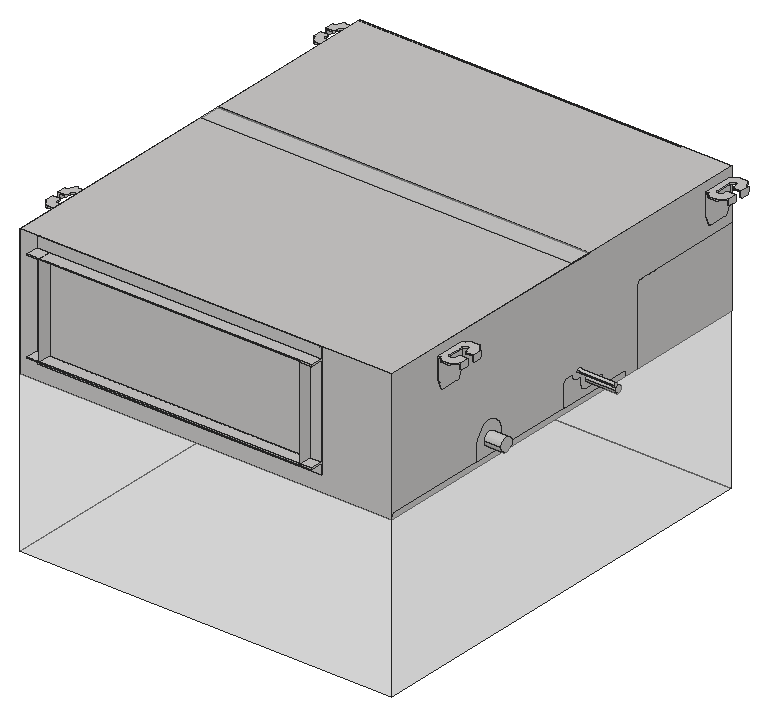
Revit family "outputfile", category 機械設備, Revit 2024
Family settings
  丸型コネクタ寸法 = 半径を使用
  パーツ タイプ = 標準
  OmniClass 番号 = 23.75.10.24.21.27.27
  OmniClass タイトル = Split System Air Conditioning Units
  作業面ベース = いいえ
  常に垂直 = はい
  ロード時にボイドで切り取り = いいえ
  注釈の向きを維持 = いいえ
  共有 = いいえ
  部屋計算ポイント = はい
Parameters (values of type "FDBF50DV14")
  Description = ""
  書き出し IFC クラス(タイプ) = "IfcUnitaryEquipmentType"
  定義済み IFC タイプ(タイプ) = "AIRCONDITIONINGUNIT"
  Cost = 0
  Type Comments = ""
  Keynote = ""
  Type Image = (empty or 0)
  Assembly Code = ""
  switch_frequency = yes
  ra duct size width = 0 mm
  ra duct size height [instance] = if(Rear Connection_Return Air, 203 mm, 204 mm)  # 203 mm
  lw_duct size width = 604 mm
  connector_voltage = Voltage_50Hz  # 230 V
  connector_powerinput = [Power Input (Cooling)]  # 0.000 kW
  connector_phase = Phase_50Hz  # 1
  URL = ""
  RA_length [instance] = if(Rear Connection_Return Air, 126 mm, 125.5 mm)  # 126 mm
  angle_drainpipe [instance] = if(Right Connection_refrigerant, 90.00°, 270.00°)  # 90.00°
  angle_gaspipe [instance] = if(Right Connection_refrigerant, 90.00°, 270.00°)  # 90.00°
  angle_liquidpipe [instance] = if(Right Connection_refrigerant, 90.00°, 270.00°)  # 90.00°
  angle_Return Air [instance] = if(Rear Connection_Return Air, 90.00°, 0.00°)  # 90.00°
  Right Connection_refrigerant [instance] = yes
  Rear Connection_Return Air [instance] = not(Bottom Connection_Return Air)  # yes
  製造元 = "Daikin"
  モデル = "FDBF50DV14"
  r_Liquid Pipe Size = Liquid Pipe Size / 2  # 3.2 mm
  r_Gas Pipe Size = Gas Pipe Size / 2  # 6.35 mm
  r_Drain Pipe Size = Drain Pipe Size / 2  # 12.5 mm
  lw_power = 60 mm  # constant formula
  lh_power = 30 mm  # constant formula
  ld_power = Depth / 2  # 400 mm
  Voltage_comment_50Hz = "220 - 240"
  Voltage_50Hz = 230 V
  Supply Air Direction [instance] = yes
  Sound Power Level_H speed (dB) = 0
  Phase_50Hz = 1
  Minimum External Static Pressure = 15.00 Pa
  Minimum Circuit Amps_50Hz = 0.0 A
  Maximum Fuse Amps_50Hz = 0.0 A
  Maximum External Static Pressure = 38.00 Pa
  Material_Casing = DAIKIN_GalvanizedSteel_Casing_indoorunit
  lw_mountinghole = 738 mm
  lh_gaspipe = 22 mm  # constant formula
  lh_mountinghole = 230 mm  # constant formula
  lh_liquidpipe = 185 mm  # constant formula
  lh_drainpipe = 207 mm  # constant formula
  lh_antena = (Height - lh_mountinghole) + 1 mm  # 16 mm
  ld_drainpipe = 228 mm  # constant formula
  ld_liquidpipe = 438 mm  # constant formula
  ld_gaspipe = 22 mm  # constant formula
  ld_mountinghole = 0 mm
  h*** = 0 mm
  lw_liquidpipe = 421 mm
  lw_gaspipe = 408 mm
  lw_drainpipe = 383 mm
  Width = 700 mm
  Version = "ver.1.0"
  Unit Type = "L.S.P. Duct for Bed room"
  Unit Mass Weight = 26.00 kg
  Unit Designation [instance] = ""
  Uniclass2015Version = "Products v1.30"
  Uniclass2015Title = "Split coil room air conditioning units"
  Uniclass2015Code = "Pr_70_65_03_86"
  Total Cooling Capacity [instance] = 0.000 kW
  Sound Pressure Level_M speed (dBA) = 33
  Sound Pressure Level_L speed (dBA) = 25
  Sound Pressure Level_H speed (dBA) = 37
  Series = "SkyAir_Fan Coil Unit"
  Sensible Cooling Capacity [instance] = 0.000 kW
  SA Duct Size Width = 490 mm
  SA Duct Size Height = 174 mm
  Refrigerant Type = "R32"
  RA Duct Size Width = 563 mm
  RA Duct Size Height = 203 mm
  Power Input (Cooling) = 0.000 kW
  Option Accessory 3 [instance] = ""
  Option Accessory 2 [instance] = ""
  Option Accessory 1 [instance] = ""
  Nominal Cooling Capacity = 5.000 kW
  Minimum Airflow = 570.00 m³/h
  Median Airflow = 720.00 m³/h
  Maximum Airflow = 900.00 m³/h
  Load Classification = HVAC
  Liquid Pipe Size = 6.4 mm
  Link_Nested Family [instance] = ""
  Left Connection_refrigerant [instance] = not(Right Connection_refrigerant)  # no
  IfcVersion = ""
  IfcExportType = "AIRCONDITIONINGUNIT"
  IfcExportAs = "IfcUnitaryEquipmentType"
  Height = 245 mm
  Heat Exchanger Type = "Cross Fin Coil"
  Gas Pipe Size = 12.7 mm
  Frequency_50Hz = 50 Hz
  Fan Type = "Sirocco Fan"
  Fan Drive = "Direct Drive"
  FCU Tag No. [instance] = ""
  Drain Pipe Size = 25.0 mm
  Design Supply Airflow [instance] = 0.00 m³/h
  Design Return Airflow [instance] = 0.00 m³/h
  Design External Static Pressure [instance] = 0.00 Pa
  Depth = 800 mm
  既定の高さ = 0 mm
  Cooling Entering Wet Bulb Temperature [instance] = 0.00 °C
  Cooling Entering Dry Bulb Temperature [instance] = 0.00 °C
  Cooling Ambient Wet Bulb Temperature [instance] = 0.00 °C
  Cooling Ambient Dry Bulb Temperature [instance] = 0.00 °C
  Clearance visibility [instance] = yes
  Clearance Top = 0 mm
  Clearance Right = 0 mm
  Clearance Rear = 0 mm
  Clearance Left = 0 mm
  Clearance Front = 0 mm
  Clearance Bottom = 300 mm
  Bottom Connection_Return Air [instance] = no
Reference planes
  plane 1 "Center (Front/Back)": y = 0
  plane 2 "h": z = 0
  plane 3 "Center (Left/Right)": x = 0
  plane 4 "Back": y = 400
  plane 5 "Front": y = -400
  plane 6 "Left": x = -350
  plane 7 "Right": x = 350
  plane 8 "Top": z = 0
  plane 9 "Bottom": z = -245
  plane 10: y = 400
  plane 11: y = -400
  plane 12: x = -350
  plane 13: x = 350
  plane 14: z = 0
  plane 15: z = -545
  plane 16: y = 364
  plane 17: y = -266
  plane 18: z = -15
  plane 19: x = -317
  plane 20: x = -408
  plane 21: x = 408
  plane 22: x = -421
  plane 23: x = 421
  plane 24: y = 38
  plane 25: y = 60
  plane 26: y = -172
  plane 27: z = -207
  plane 28: z = -207
  plane 29: z = -185
  plane 30: x = -383
  plane 31: x = 383
  plane 32: x = 254.5
  plane 33: x = -349.5
  plane 34: y = 151.5
  plane 35: z = -215
  plane 36: x = 290
  plane 37: x = -47.5
  plane 38: y = 274
  plane 39: z = -119.5
  plane 40: x = -369
  plane 41: x = 369
Forms (mm)
  Extrusion 1, solid, material "DAIKIN_GalvanizedSteel_Casing_indoorunit" <- "Material_Casing"
    sketch origin (0, 0, 0) x (1, 0, 0) y (0, 1, 0)
      loop
        line (-350, 400) -> (-350, -400) -> (350, -400) -> (350, 400) -> (-350, 400)
    from -245 to 0
  Extrusion 2, solid, material "DAIKIN_GalvanizedSteel_Casing_indoorunit" <- "Material_Casing", visible <- "Right Connection_refrigerant"
    sketch origin (350, 0, 0) x (0, 1, 0) y (0, 0, 1)
      loop
        circle (-172, -207) r 12.5
    from 0 to 33
  Extrusion 3, solid, material "DAIKIN_GalvanizedSteel_Casing_indoorunit" <- "Material_Casing", visible <- "Left Connection_refrigerant"
    sketch origin (-350, 0, 0) x (0, 1, 0) y (0, 0, 1)
      loop
        circle (-172, -207) r 12.5
    from 0 to -33
  Extrusion 4, solid, material "DAIKIN_GalvanizedSteel_Casing_indoorunit" <- "Material_Casing", visible <- "Right Connection_refrigerant"
    sketch origin (350, 0, 0) x (0, 1, 0) y (0, 0, 1)
      loop
        circle (38, -185) r 3.2
    from 0 to 71
  Extrusion 5, solid, material "DAIKIN_GalvanizedSteel_Casing_indoorunit" <- "Material_Casing", visible <- "Right Connection_refrigerant"
    sketch origin (350, 0, 0) x (0, 1, 0) y (0, 0, 1)
      loop
        circle (60, -207) r 6.35
    from 0 to 58
  Extrusion 6, solid, material "DAIKIN_GalvanizedSteel_Casing_indoorunit" <- "Material_Casing", visible <- "Left Connection_refrigerant"
    sketch origin (-350, 0, 0) x (0, 1, 0) y (0, 0, 1)
      loop
        circle (60, -207) r 6.35
    from 0 to -58
  Extrusion 7, solid, material "DAIKIN_GalvanizedSteel_Casing_indoorunit" <- "Material_Casing", visible <- "Left Connection_refrigerant"
    sketch origin (-350, 0, 0) x (0, 1, 0) y (0, 0, 1)
      loop
        circle (38, -185) r 3.2
    from 0 to -71
  Extrusion 8, solid, material "DAIKIN_GalvanizedSteel_Casing_indoorunit" <- "Material_Casing", visible <- "Right Connection_refrigerant"
    sketch origin (350, 0, 0) x (0, 1, 0) y (0, 0, 1)
      loop
        line (22.284, -188) -> (7.5, -188)
        arc (7.5, -188) -> (5.379, -188.879) -> (4.5, -191) r 3
        line (4.5, -191) -> (4.5, -232)
        arc (4.5, -232) -> (5.379, -234.121) -> (7.5, -235) r 3
        line (7.5, -235) -> (91, -235)
        arc (91, -235) -> (93.121, -234.121) -> (94, -232) r 3
        line (94, -232) -> (94, -220)
        arc (94, -220) -> (93.121, -217.879) -> (91, -217) r 3
        line (91, -217) -> (75.564, -217)
        arc (75.564, -217) -> (51.595, -223.481) -> (42.766, -200.274) r 18.5
        arc (42.766, -200.274) -> (29.776, -198.725) -> (22.284, -188) r 16
    from 0 to -1
  Extrusion 9, solid, material "DAIKIN_GalvanizedSteel_Casing_indoorunit" <- "Material_Casing", visible <- "Left Connection_refrigerant"
    sketch origin (-350, 0, 0) x (0, 1, 0) y (0, 0, 1)
      loop
        line (22.284, -188) -> (7.5, -188)
        arc (7.5, -188) -> (5.379, -188.879) -> (4.5, -191) r 3
        line (4.5, -191) -> (4.5, -232)
        arc (4.5, -232) -> (5.379, -234.121) -> (7.5, -235) r 3
        line (7.5, -235) -> (91, -235)
        arc (91, -235) -> (93.121, -234.121) -> (94, -232) r 3
        line (94, -232) -> (94, -220)
        arc (94, -220) -> (93.121, -217.879) -> (91, -217) r 3
        line (91, -217) -> (75.564, -217)
        arc (75.564, -217) -> (51.595, -223.481) -> (42.766, -200.274) r 18.5
        arc (42.766, -200.274) -> (29.776, -198.725) -> (22.284, -188) r 16
    from 0 to 1
  Extrusion 10, solid, material "DAIKIN_GalvanizedSteel_Casing_indoorunit" <- "Material_Casing", visible <- "Right Connection_refrigerant"
    sketch origin (350, 0, 0) x (0, 1, 0) y (0, 0, 1)
      loop
        line (-199.5, -235) -> (-144.5, -235) -> (-144.5, -204.7)
        arc (-144.5, -204.7) -> (-152.555, -185.255) -> (-172, -177.2) r 27.5
        arc (-172, -177.2) -> (-191.445, -185.255) -> (-199.5, -204.7) r 27.5
        line (-199.5, -204.7) -> (-199.5, -235)
    from 0 to -1
  Extrusion 11, solid, material "DAIKIN_GalvanizedSteel_Casing_indoorunit" <- "Material_Casing", visible <- "Left Connection_refrigerant"
    sketch origin (-350, 0, 0) x (0, 1, 0) y (0, 0, 1)
      loop
        line (-199.5, -235) -> (-144.5, -235) -> (-144.5, -204.7)
        arc (-144.5, -204.7) -> (-152.555, -185.255) -> (-172, -177.2) r 27.5
        arc (-172, -177.2) -> (-191.445, -185.255) -> (-199.5, -204.7) r 27.5
        line (-199.5, -204.7) -> (-199.5, -235)
    from 0 to 1
  Extrusion 12, solid, material "DAIKIN_GalvanizedSteel_Casing_indoorunit" <- "Material_Casing", visible <- "Right Connection_refrigerant"
    sketch origin (350, 0, 0) x (0, 1, 0) y (0, 0, 1)
      loop
        line (400, -245) -> (400, -95.5) -> (182, -95.5)
        arc (182, -95.5) -> (179.879, -96.379) -> (179, -98.5) r 3
        line (179, -98.5) -> (179, -245) -> (400, -245)
    from 0 to -1
  Extrusion 13, solid, material "DAIKIN_GalvanizedSteel_Casing_indoorunit" <- "Material_Casing", visible <- "Bottom Connection_Return Air"
    sketch origin (0, 400, 0) x (-1, 0, 0) y (0, 0, 1)
      loop
        line (-254.5, 0) -> (-254.5, -245) -> (349.5, -245) -> (349.5, 0) -> (-254.5, 0)
    from 0 to -1
  Extrusion 14, solid, material "DAIKIN_GalvanizedSteel_Casing_indoorunit" <- "Material_Casing", visible <- "Rear Connection_Return Air"
    sketch origin (0, 0, -245) x (-1, 0, 0) y (0, -1, 0)
      loop
        line (349.5, -400) -> (349.5, -151.5) -> (-254.5, -151.5) -> (-254.5, -400) -> (349.5, -400)
    from 0 to 1
  Extrusion 15, solid, material "DAIKIN_GalvanizedSteel_Casing_indoorunit" <- "Material_Casing", visible <- "Right Connection_refrigerant"
    sketch origin (350, 0, 0) x (0, 1, 0) y (0, 0, 1)
      loop
        arc (-397, -235) -> (-399.121, -235.879) -> (-400, -238) r 3
        line (-400, -238) -> (-400, -245) -> (147.5, -245) -> (147.5, -238)
        arc (147.5, -238) -> (146.621, -235.879) -> (144.5, -235) r 3
        line (144.5, -235) -> (-397, -235)
    from 0 to -1
  Extrusion 16, solid, material "DAIKIN_GalvanizedSteel_Casing_indoorunit" <- "Material_Casing", visible <- "Left Connection_refrigerant"
    sketch origin (-350, 0, 0) x (0, 1, 0) y (0, 0, 1)
      loop
        arc (-397, -235) -> (-399.121, -235.879) -> (-400, -238) r 3
        line (-400, -238) -> (-400, -245) -> (147.5, -245) -> (147.5, -238)
        arc (147.5, -238) -> (146.621, -235.879) -> (144.5, -235) r 3
        line (144.5, -235) -> (-397, -235)
    from 0 to 1
  Extrusion 17, solid, material "DAIKIN_GalvanizedSteel_Casing_indoorunit" <- "Material_Casing", visible <- "Left Connection_refrigerant"
    sketch origin (-350, 0, 0) x (0, 1, 0) y (0, 0, 1)
      loop
        line (400, -245) -> (400, -95.5) -> (182, -95.5)
        arc (182, -95.5) -> (179.879, -96.379) -> (179, -98.5) r 3
        line (179, -98.5) -> (179, -245) -> (400, -245)
    from 0 to 1
  Extrusion 18, void
    sketch origin (0, 0, 0) x (-1, 0, 0) y (0, -1, 0)
      loop
        line (350, -66.5) -> (350, -25) -> (-350, -25) -> (-350, -66.5) -> (350, -66.5)
    from 0 to -1
Cuts and joins
  Extrusion 18 cuts Extrusion 1
Dimensions and locks
  "Height": plane 8 "Top" to plane 9 "Bottom"
  equal spacing: plane 4 "Back", plane 1 "Center (Front/Back)", plane 5 "Front"
  "Depth": plane 4 "Back" to plane 5 "Front"
  equal spacing: plane 6 "Left", plane 3 "Center (Left/Right)", plane 7 "Right"
  "Width": plane 6 "Left" to plane 7 "Right"
  "Clearance Left": plane 12 to plane 6 "Left"
  "Clearance Right": plane 7 "Right" to plane 13
  "Clearance Rear": plane 10 to plane 4 "Back"
  "Clearance Front": plane 5 "Front" to plane 11
  "Clearance Top": plane 14 to plane 8 "Top"
  "Clearance Bottom": plane 9 "Bottom" to plane 15
  locked: plane 4 "Back" to plane 16 at 36
  locked: plane 17 to plane 5 "Front" at 134
  locked: plane 6 "Left" to plane 19 at 33
  "ld_liquidpipe": plane 24 to plane 5 "Front"
  "ld_drainpipe": plane 26 to plane 5 "Front"
  "ld_gaspipe": plane 25 to plane 24
  "lh_drainpipe": plane 8 "Top" to plane 28
  "lh_liquidpipe": plane 8 "Top" to plane 29
  "lh_gaspipe": plane 29 to plane 27
  locked: plane 7 "Right" to plane 32 at 95.5
  locked: plane 33 to plane 6 "Left" at 0.5
  locked: plane 4 "Back" to plane 34 at 248.5
  "lw_drainpipe": plane 3 "Center (Left/Right)" to plane 31
  "lw_drainpipe": plane 30 to plane 3 "Center (Left/Right)"
  "lw_gaspipe": plane 3 "Center (Left/Right)" to plane 21
  "lw_gaspipe": plane 20 to plane 3 "Center (Left/Right)"
  "lw_liquidpipe": plane 3 "Center (Left/Right)" to plane 23
  "lw_liquidpipe": plane 22 to plane 3 "Center (Left/Right)"
  "lw_power": plane 7 "Right" to plane 36
  "lh_power": plane 9 "Bottom" to plane 35
  equal spacing: plane 33, plane 37, plane 32
  locked: plane 4 "Back" to plane 38 at 126
  locked: plane 9 "Bottom" to plane 39 at 125.5
  equal spacing: plane 40, plane 3 "Center (Left/Right)", plane 41
  "lw_mountinghole": plane 40 to plane 41
  "lh_mountinghole": plane 18 to plane 9 "Bottom"
  locked: Extrusion 18 sketch curve to Extrusion 18 sketch curve at 41.5
  locked: plane 1 "Center (Front/Back)" to Extrusion 18 sketch curve at 25
  "r_Drain Pipe Size": radius of Extrusion 2 sketch curve
  "r_Drain Pipe Size": radius of Extrusion 3 sketch curve
  "r_Liquid Pipe Size": radius of Extrusion 4 sketch curve
  "r_Gas Pipe Size": radius of Extrusion 5 sketch curve
  "r_Gas Pipe Size": radius of Extrusion 6 sketch curve
  "r_Liquid Pipe Size": radius of Extrusion 7 sketch curve
  aligned and locked: level to plane 2 "h"
  aligned and locked: plane 8 "Top" to Extrusion 1
  aligned and locked: Extrusion 1 to plane 9 "Bottom"
  aligned and locked: nested 2 to plane 11
  aligned and locked: plane 12 to nested 2
  aligned and locked: plane 13 to nested 2
  aligned and locked: nested 2 to plane 12
  aligned and locked: plane 10 to nested 2
  aligned and locked: plane 14 to nested 2
  aligned and locked: plane 15 to nested 2
  aligned and locked: plane 5 "Front" to Extrusion 1 sketch curve
  aligned and locked: level to plane 8 "Top"
  aligned and locked: nested 3 to plane 6 "Left"
  aligned and locked: nested 6 to plane 6 "Left"
  aligned and locked: plane 7 "Right" to nested 5
  aligned and locked: plane 7 "Right" to nested 4
  aligned and locked: nested 3 to plane 16
  aligned and locked: plane 16 to nested 4
  aligned and locked: plane 17 to nested 6
  aligned and locked: nested 5 to plane 17
  aligned and locked: plane 18 to nested 3
  aligned and locked: plane 18 to nested 6
  aligned and locked: plane 18 to nested 4
  aligned and locked: plane 18 to nested 5
  aligned and locked: nested 7 to plane 5 "Front"
  aligned and locked: nested 7 to plane 19
  aligned and locked: plane 28 to Extrusion 2 sketch curve
  aligned and locked: plane 26 to Extrusion 2 sketch curve
  aligned and locked: plane 31 to Extrusion 2
  aligned and locked: plane 28 to Extrusion 3 sketch curve
  aligned and locked: plane 26 to Extrusion 3 sketch curve
  aligned and locked: Extrusion 3 to plane 30
  aligned and locked: plane 29 to Extrusion 4 sketch curve
  aligned and locked: plane 24 to Extrusion 4 sketch curve
  aligned and locked: plane 23 to Extrusion 4
  aligned and locked: plane 28 to Extrusion 5 sketch curve
  aligned and locked: plane 25 to Extrusion 5 sketch curve
  aligned and locked: plane 21 to Extrusion 5
  aligned and locked: plane 28 to Extrusion 6 sketch curve
  aligned and locked: plane 25 to Extrusion 6 sketch curve
  aligned and locked: Extrusion 6 to plane 20
  aligned and locked: plane 29 to Extrusion 7 sketch curve
  aligned and locked: plane 24 to Extrusion 7 sketch curve
  aligned and locked: Extrusion 7 to plane 22
  aligned and locked: Extrusion 13 to plane 33
  aligned and locked: plane 32 to Extrusion 13
  aligned and locked: plane 8 "Top" to Extrusion 13
  aligned and locked: Extrusion 13 to plane 9 "Bottom"
  aligned and locked: Extrusion 14 to plane 33
  aligned and locked: plane 32 to Extrusion 14
  aligned and locked: Extrusion 14 to plane 34
  aligned and locked: plane 4 "Back" to Extrusion 14
  aligned and locked: nested 8 to plane 4 "Back"
  aligned and locked: nested 8 to plane 33
  aligned and locked: plane 8 "Top" to nested 8
  aligned and locked: nested 9 to plane 34
  aligned and locked: plane 4 "Back" to nested 9
  aligned and locked: plane 32 to nested 9
  aligned and locked: nested 9 to plane 9 "Bottom"
  aligned and locked: nested 10 to plane 26
  aligned and locked: plane 3 "Center (Left/Right)" to nested 10
  aligned and locked: nested 10 to plane 28
  aligned and locked: nested 11 to plane 24
  aligned and locked: plane 3 "Center (Left/Right)" to nested 11
  aligned and locked: nested 11 to plane 29
  aligned and locked: nested 12 to plane 25
  aligned and locked: plane 3 "Center (Left/Right)" to nested 12
  aligned and locked: nested 12 to plane 28
  aligned and locked: nested 13 to plane 35
  aligned and locked: nested 13 to plane 36
  aligned and locked: nested 13 to plane 1 "Center (Front/Back)"
  aligned and locked: plane 37 to nested 14
  aligned and locked: nested 14 to plane 38
  aligned and locked: plane 38 to nested 14  (x2)
  aligned and locked: plane 40 to nested 15
  aligned and locked: plane 17 to nested 15
  aligned and locked: plane 40 to nested 16
  aligned and locked: nested 16 to plane 16
  aligned and locked: plane 41 to nested 18
  aligned and locked: plane 17 to nested 18
  aligned and locked: plane 41 to nested 17
  aligned and locked: nested 17 to plane 16
  aligned and locked: plane 1 "Center (Front/Back)" to nested 1
  aligned and locked: plane 3 "Center (Left/Right)" to nested 1
  aligned and locked: plane 6 "Left" to Extrusion 18 sketch curve
  aligned and locked: Extrusion 18 sketch curve to plane 7 "Right"
  aligned and locked: plane 8 "Top" to nested 7
Automatic sketch dimensions
  Extrusion 1 sketch curve to plane 6 "Left" = 0 mm
  Extrusion 1 sketch curve to plane 7 "Right" = 0 mm
  Extrusion 1 sketch curve to plane 4 "Back" = 0 mm
  Extrusion 8 sketch curve to plane 24 = 0 mm
  Extrusion 8 sketch curve to plane 25 = 0 mm
  Extrusion 8 sketch curve to plane 27 = 0 mm
  Extrusion 8 sketch curve to plane 29 = 0 mm
  Extrusion 8 sketch curve to plane 29 = 3 mm
  Extrusion 8 sketch curve to plane 24 = 15.716 mm
  Extrusion 8 sketch curve to plane 1 "Center (Front/Back)" = 7.5 mm  (x2)
  Extrusion 8 sketch curve to Extrusion 8 sketch curve = 3 mm
  Extrusion 8 sketch curve to plane 35 = 2 mm
  plane 25 to Extrusion 8 sketch curve = 15.564 mm
  plane 9 "Bottom" to Extrusion 8 sketch curve = 10 mm
  Extrusion 8 sketch curve to Extrusion 8 sketch curve = 15.436 mm
  Extrusion 8 sketch curve to plane 35 = 5 mm
  Extrusion 8 sketch curve to Extrusion 8 sketch curve = 0 mm
  Extrusion 9 sketch curve to plane 24 = 0 mm
  Extrusion 9 sketch curve to plane 25 = 0 mm
  Extrusion 9 sketch curve to plane 27 = 0 mm
  Extrusion 9 sketch curve to plane 29 = 0 mm
  Extrusion 9 sketch curve to plane 29 = 3 mm
  Extrusion 9 sketch curve to plane 24 = 15.716 mm
  Extrusion 9 sketch curve to plane 1 "Center (Front/Back)" = 7.5 mm  (x2)
  Extrusion 9 sketch curve to Extrusion 9 sketch curve = 3 mm
  Extrusion 9 sketch curve to plane 35 = 2 mm
  plane 25 to Extrusion 9 sketch curve = 15.564 mm
  plane 9 "Bottom" to Extrusion 9 sketch curve = 10 mm
  Extrusion 9 sketch curve to Extrusion 9 sketch curve = 15.436 mm
  Extrusion 9 sketch curve to plane 35 = 5 mm
  Extrusion 9 sketch curve to Extrusion 9 sketch curve = 0 mm
  Extrusion 10 sketch curve to Extrusion 10 sketch curve = 0 mm  (x2)
  Extrusion 10 sketch curve to plane 26 = 0 mm
  plane 9 "Bottom" to Extrusion 10 sketch curve = 10 mm
  Extrusion 10 sketch curve to plane 26 = 27.5 mm
  plane 27 to Extrusion 10 sketch curve = 2.3 mm
  Extrusion 11 sketch curve to Extrusion 11 sketch curve = 0 mm  (x2)
  Extrusion 11 sketch curve to plane 26 = 0 mm
  plane 9 "Bottom" to Extrusion 11 sketch curve = 10 mm
  Extrusion 11 sketch curve to plane 26 = 27.5 mm
  plane 27 to Extrusion 11 sketch curve = 2.3 mm
  Extrusion 12 sketch curve to plane 9 "Bottom" = 0 mm
  Extrusion 12 sketch curve to plane 4 "Back" = 0 mm
  plane 34 to Extrusion 12 sketch curve = 30.5 mm
  Extrusion 12 sketch curve to Extrusion 12 sketch curve = 3 mm
  plane 39 to Extrusion 12 sketch curve = 21 mm
  Extrusion 13 sketch curve to plane 9 "Bottom" = 0 mm
  Extrusion 13 sketch curve to plane 32 = 0 mm
  Extrusion 13 sketch curve to plane 33 = 0 mm
  Extrusion 13 sketch curve to level = 0 mm
  Extrusion 14 sketch curve to plane 4 "Back" = 0 mm
  Extrusion 14 sketch curve to plane 32 = 0 mm
  Extrusion 14 sketch curve to plane 33 = 0 mm
  Extrusion 14 sketch curve to plane 34 = 0 mm
  Extrusion 15 sketch curve to plane 5 "Front" = 0 mm
  Extrusion 15 sketch curve to plane 9 "Bottom" = 0 mm
  Extrusion 15 sketch curve to Extrusion 15 sketch curve = 3 mm
  Extrusion 15 sketch curve to plane 34 = 7 mm
  Extrusion 15 sketch curve to plane 34 = 4 mm
  Extrusion 15 sketch curve to Extrusion 15 sketch curve = 7 mm
  Extrusion 16 sketch curve to plane 5 "Front" = 0 mm
  Extrusion 16 sketch curve to plane 9 "Bottom" = 0 mm
  Extrusion 16 sketch curve to Extrusion 16 sketch curve = 3 mm
  Extrusion 16 sketch curve to plane 34 = 7 mm
  Extrusion 16 sketch curve to plane 34 = 4 mm
  plane 9 "Bottom" to Extrusion 16 sketch curve = 7 mm
  Extrusion 17 sketch curve to plane 9 "Bottom" = 0 mm
  Extrusion 17 sketch curve to plane 4 "Back" = 0 mm
  plane 34 to Extrusion 17 sketch curve = 30.5 mm
  Extrusion 17 sketch curve to Extrusion 17 sketch curve = 3 mm
  plane 39 to Extrusion 17 sketch curve = 21 mm
Nested families
  nested 1: "daikin_△_symbolicline" at (0, 0, 245), built-in parameter 1001364 <- "Height", visible <- "Supply Air Direction", type "daikin_△_symbolicline"
    with length 200 mm
  nested 2: "daikin_clearancespace" at (0, 0, -272.381), visible <- "Clearance visibility", show <- "Clearance visibility", Link_Nested Family <- "Link_Nested Family", type "daikin_clearancespace"
    with width 700 mm, show yes, height 545 mm, depth 800 mm, Link_Nested Family ""
  nested 3: "daikin_hangerfixture_FDBF-DV14" at (-350, 364, -15) x (0, -1, 0) z (0, 0, 1), type "daikin_hangerfixture_FDBF-DV14"
  nested 4: "daikin_hangerfixture_FDBF-DV14" at (350, 364, -15) x (0, 1, 0) z (0, 0, 1), type "daikin_hangerfixture_FDBF-DV14"
  nested 5: "daikin_hangerfixture_FDBF-DV14" at (350, -266, -15) x (0, 1, 0) z (0, 0, 1), type "daikin_hangerfixture_FDBF-DV14"
  nested 6: "daikin_hangerfixture_FDBF-DV14" at (-350, -266, -15) x (0, -1, 0) z (0, 0, 1), type "daikin_hangerfixture_FDBF-DV14"
  nested 7: "daikin_ductflange_FDBF-DV14_2" at (-49.5, -400, -108), type "daikin_ductflange_FDBF-DV14_2"
  nested 8: "daikin_ductflange_FDBF-DV14" at (-47.5, 400, -122.5), width <- "lw_duct size width", visible <- "Rear Connection_Return Air", material <- "Material_Casing", type "daikin_ductflange_FDBF-DV14"
    with width 604 mm, material DAIKIN_GalvanizedSteel_Casing_indoorunit, height 245 mm, depth 1 mm
  nested 9: "daikin_ductflange_FDBF-DV14_1" at (-47.5, 275.75, -244) x (1, 0, 0) z (0, -1, 0), width <- "lw_duct size width", visible <- "Bottom Connection_Return Air", material <- "Material_Casing", type "daikin_ductflange_FDBF-DV14_1"
    with width 604 mm, material DAIKIN_GalvanizedSteel_Casing_indoorunit, height 248.5 mm, depth 1 mm
  nested 10: "daikin_connector_rotate3" at (0, -172, -207), length <- "lw_drainpipe", radius <- "r_Drain Pipe Size", angle_vertical <- "angle_drainpipe", type "daikin_connector_rotate3"
    with show no, radius 12.5 mm, length 383 mm, angle_vertical 90.00°, angle_horizontal 90.00°
  nested 11: "daikin_connector_rotate3" at (0, 38, -185), length <- "lw_liquidpipe", radius <- "r_Liquid Pipe Size", angle_vertical <- "angle_liquidpipe", type "daikin_connector_rotate3"
    with show no, radius 3.2 mm, length 421 mm, angle_vertical 90.00°, angle_horizontal 90.00°
  nested 12: "daikin_connector_rotate3" at (0, 60, -207), length <- "lw_gaspipe", radius <- "r_Gas Pipe Size", angle_vertical <- "angle_gaspipe", type "daikin_connector_rotate3"
    with show no, radius 6.35 mm, length 408 mm, angle_vertical 90.00°, angle_horizontal 90.00°
  nested 13: "daikin_connector_rotate2" at (290, 0, -215) x (-1, 0, 0) z (0, 0, 1), length <- "ld_power", type "daikin_connector_rotate2"
    with radius 10 mm, length 400 mm, angle_vertical 90.00°
  nested 14: "daikin_connector_rotate3" at (-47.5, 274, -119.5), angle_vertical <- "angle_Return Air", length <- "RA_length", type "daikin_connector_rotate3"
    with show no, radius 10 mm, length 126 mm, angle_vertical 90.00°, angle_horizontal 180.00°
  nested 15: "daikin_mountinghole" at (-369, -266, -245), h_mountinghole <- "lh_mountinghole", l_antenna <- "lh_antena", Link_Nested Family <- "Link_Nested Family", type "daikin_mountinghole"
    with show yes, l_antenna 16 mm, h_mountinghole 230 mm, Link_Nested Family ""
  nested 16: "daikin_mountinghole" at (-369, 364, -245), h_mountinghole <- "lh_mountinghole", l_antenna <- "lh_antena", Link_Nested Family <- "Link_Nested Family", type "daikin_mountinghole"
    with show yes, l_antenna 16 mm, h_mountinghole 230 mm, Link_Nested Family ""
  nested 17: "daikin_mountinghole" at (369, 364, -245), h_mountinghole <- "lh_mountinghole", l_antenna <- "lh_antena", type "daikin_mountinghole"
    with show yes, l_antenna 16 mm, h_mountinghole 230 mm, Link_Nested Family ""
  nested 18: "daikin_mountinghole" at (369, -266, -245), h_mountinghole <- "lh_mountinghole", l_antenna <- "lh_antena", type "daikin_mountinghole"
    with show yes, l_antenna 16 mm, h_mountinghole 230 mm, Link_Nested Family ""
Connectors
  hvac at (-49.5, -425, -108), driven by "SA Duct Size Height", driven by "SA Duct Size Width"
    settings: on nested 7, index 1, duct flow 0.00 m³/h, flow factor 0, pres drop 0.00 Pa, loss coef 0, conn angle 0.00°, conn width 490.0 mm, conn height 174.0 mm, conn diameter 609.6 mm, duct sys type 1, conn prof type 1, flow config 0, flow direction 2, loss method 4, conn ref index -1, conn util no, is conn primary yes, conn desc "SA Duct"
  piping at (408, 60, -207), diameter 12.7, driven by "r_Gas Pipe Size"
    settings: on nested 12, index 4, connector inside diameter 609.6 mm, connector length 0 mm, flow factor 0, pipe flow 0.00 m³/h, pressure drop 0.0 Pa, fitting loss kfactor 0, connector angle 0.00°, fixture units 0, engagement length 0 mm, angle of deflection 0.00°, flow configuration 1, flow direction 2, fitting loss method 0, system type 29, joint type 0, gender type 0, connector reference index -1, connector utility 0, adjustable connector no, is connector primary yes, connector description "Refrigerant Gas Piping"
  piping at (421, 38, -185), diameter 6.4, driven by "r_Liquid Pipe Size"
    settings: on nested 11, index 5, connector inside diameter 609.6 mm, connector length 0 mm, flow factor 0, pipe flow 0.00 m³/h, pressure drop 0.0 Pa, fitting loss kfactor 0, connector angle 0.00°, fixture units 0, engagement length 0 mm, angle of deflection 0.00°, flow configuration 1, flow direction 1, fitting loss method 0, system type 29, joint type 0, gender type 0, connector reference index -1, connector utility 0, adjustable connector no, is connector primary no, connector description "Refrigerant Liquid Piping"
  piping at (383, -172, -207), diameter 25, driven by "r_Drain Pipe Size"
    settings: on nested 10, index 6, connector inside diameter 609.6 mm, connector length 0 mm, flow factor 0, pipe flow 0.00 m³/h, pressure drop 0.0 Pa, fitting loss kfactor 0, connector angle 0.00°, fixture units 0, engagement length 0 mm, angle of deflection 0.00°, flow configuration 1, flow direction 2, fitting loss method 4, system type 16, joint type 0, gender type 0, connector reference index -1, connector utility 0, adjustable connector no, is connector primary no, connector description "Condensate Drain Piping"
  hvac at (-47.5, 400, -119.5), driven by "ra duct size height", driven by "RA Duct Size Width"
    settings: on nested 14, index 7, duct flow 0.00 m³/h, flow factor 0, pres drop 0.00 Pa, loss coef 0, conn angle 0.00°, conn width 563.0 mm, conn height 203.0 mm, conn diameter 609.6 mm, duct sys type 2, conn prof type 1, flow config 0, flow direction 1, loss method 4, conn ref index -1, conn util no, is conn primary no, conn desc "RA Duct"
  electrical at (290, 400, -215), driven by "Load Classification", driven by "connector_phase", driven by "connector_voltage", driven by "connector_powerinput"
    settings: on nested 13, index 8, voltage 230 V, apparent load 0 VA, apparent load phase1 0 VA, apparent load phase2 0 VA, apparent load phase3 0 VA, power factor 1, load classification "HVAC", number of poles 1, system type 30, power factor state 1, is connector primary yes, connector utility no, sub classification motor no, connector description "Power Supply"
Definition of nested family "daikin_clearancespace"
  Parameters (values of type "daikin_clearancespace")
    Description = "daikin_clearancespace"
    width [instance] = 1823.963 mm
    show [instance] = yes
    material = none
    height [instance] = 1359.762 mm
    depth [instance] = 880 mm
    Default Elevation = 0 mm
    Link_Nested Family [instance] = ""
  Reference planes
    plane 1 "Center (Front/Back)": y = 0
    plane 2 "Center (Elevation)": z = -0.119
    plane 3 "Center (Left/Right)": x = 0
    plane 4: y = 440
    plane 5: y = -440
    plane 6 "Right": x = 911.982
    plane 7 "Left": x = -911.982
    plane 8 "Top": z = 679.762
    plane 9 "Bottom": z = -680
  Forms (mm)
    Extrusion 1, solid, material <- "material", visible <- "show"
      sketch origin (0, 0, 0) x (1, 0, 0) y (0, 1, 0)
        loop
          line (-911.982, 440) -> (-911.982, -440) -> (911.982, -440) -> (911.982, 440) -> (-911.982, 440)
      from -680 to 679.762
  Lines and regions (mm)
    symbolic lines, visible <- "show"
      curve 1: line (911.982, 440, 0) -> (-911.982, 440, 0)
      curve 2: line (-911.982, 440, 0) -> (-911.982, -440, 0)
      curve 3: line (-911.982, -440, 0) -> (911.982, -440, 0)
      curve 4: line (911.982, -440, 0) -> (911.982, 440, 0)
      curve 5: line (911.982, 0, 679.762) -> (-911.982, 0, 679.762)
      curve 6: line (911.982, 0, -680) -> (911.982, 0, 679.762)
      curve 7: line (-911.982, 0, -680) -> (911.982, 0, -680)
      curve 8: line (-911.982, 0, 679.762) -> (-911.982, 0, -680)
      curve 9: line (0, 440, 679.762) -> (0, -440, 679.762)
      curve 10: line (0, -440, 679.762) -> (0, -440, -680)
      curve 11: line (0, 440, -680) -> (0, 440, 679.762)
      curve 12: line (0, -440, -680) -> (0, 440, -680)
  Dimensions and locks
    "width": plane 7 "Left" to plane 6 "Right"
    "depth": plane 4 to plane 5
    "height": plane 8 "Top" to plane 9 "Bottom"
    equal spacing: plane 7 "Left", plane 3 "Center (Left/Right)", plane 6 "Right"
    equal spacing: plane 4, plane 1 "Center (Front/Back)", plane 5
    equal spacing: plane 8 "Top", plane 2 "Center (Elevation)", plane 9 "Bottom"
    aligned and locked: level to plane 2 "Center (Elevation)"
    aligned and locked: Extrusion 1 sketch curve to plane 4
    aligned and locked: plane 7 "Left" to Extrusion 1 sketch curve
    aligned and locked: Extrusion 1 sketch curve to plane 5
    aligned and locked: Extrusion 1 sketch curve to plane 6 "Right"
    aligned and locked: plane 8 "Top" to Extrusion 1
    aligned and locked: curve 1 to Extrusion 1
    aligned and locked: curve 2 to Extrusion 1
    aligned and locked: curve 3 to Extrusion 1
    aligned and locked: curve 4 to Extrusion 1
    aligned and locked: curve 5 to Extrusion 1
    aligned and locked: curve 6 to Extrusion 1
    aligned and locked: curve 7 to Extrusion 1
    aligned and locked: curve 8 to Extrusion 1
    aligned and locked: curve 9 to Extrusion 1
    aligned and locked: curve 10 to Extrusion 1
    aligned and locked: curve 11 to Extrusion 1
    aligned and locked: curve 12 to Extrusion 1
    aligned and locked: Extrusion 1 to plane 9 "Bottom"
Definition of nested family "daikin_hangerfixture_FDBF-DV14"
  Parameters (values of type "daikin_hangerfixture_FDBF-DV2S")
    width = 72 mm
    material = none
    height = 60 mm
    depth = 41 mm
    Default Elevation = 0 mm
  Reference planes
    plane 1 "Center (Front/Back)": y = 0
    plane 2: z = 0
    plane 3 "Center (Left/Right)": x = 0
    plane 4: y = 417.146
    plane 5: y = -41
    plane 6: x = -36
    plane 7: x = 36
    plane 8: z = -2.3
    plane 9: z = -60
    plane 10: y = -2.3
    plane 11: z = -12
    plane 12: y = -38.7
  Forms (mm)
    Extrusion 1, solid, material <- "material"
      sketch origin (0, 0, 0) x (1, 0, 0) y (0, 1, 0)
        loop
          line (-28, 0) -> (-28, -5)
          arc (-28, -5) -> (-29.127, -8.162) -> (-32, -9.899) r 5
          arc (-32, -9.899) -> (-34.873, -11.636) -> (-36, -14.798) r 5
          line (-36, -14.798) -> (-36, -27.178)
          arc (-36, -27.178) -> (-35.429, -29.499) -> (-33.846, -31.289) r 5
          line (-33.846, -31.289) -> (-23, -38.798) -> (-23, -41.098) -> (-6.5, -41.098) -> (-6.5, -28.498)
          arc (-6.5, -28.498) -> (-7.379, -26.377) -> (-9.5, -25.498) r 3
          line (-9.5, -25.498) -> (-13.5, -25.498)
          arc (-13.5, -25.498) -> (-20, -18.998) -> (-13.5, -12.498) r 6.5
          line (-13.5, -12.498) -> (13.5, -12.498)
          arc (13.5, -12.498) -> (20, -18.998) -> (13.5, -25.498) r 6.5
          line (13.5, -25.498) -> (9.5, -25.498)
          arc (9.5, -25.498) -> (7.379, -26.377) -> (6.5, -28.498) r 3
          line (6.5, -28.498) -> (6.5, -41.098) -> (23, -41.098) -> (23, -38.798) -> (33.846, -31.289)
          arc (33.846, -31.289) -> (35.429, -29.499) -> (36, -27.178) r 5
          line (36, -27.178) -> (36, -14.596)
          arc (36, -14.596) -> (34.873, -11.434) -> (32, -9.697) r 5
          arc (32, -9.697) -> (29.127, -7.96) -> (28, -4.798) r 5
          line (28, -4.798) -> (28, 0) -> (-28, 0)
      from 0 to -2.3
    Extrusion 2, solid, material <- "material"
      sketch origin (0, 0, 0) x (1, 0, 0) y (0, 0, 1)
        loop
          line (28, -39.037) -> (28, 0) -> (-28, 0) -> (-28, -39.037)
          arc (-28, -39.037) -> (-27.91, -39.983) -> (-27.642, -40.894) r 5
          line (-27.642, -40.894) -> (-21.257, -56.857)
          arc (-21.257, -56.857) -> (-19.418, -59.14) -> (-16.615, -60) r 5
          line (-16.615, -60) -> (16.615, -60)
          arc (16.615, -60) -> (19.418, -59.14) -> (21.257, -56.857) r 5
          line (21.257, -56.857) -> (27.642, -40.894)
          arc (27.642, -40.894) -> (27.91, -39.983) -> (28, -39.037) r 5
      from 0 to 2.3
    Extrusion 3, solid, material <- "material"
      sketch origin (0, 0, 0) x (1, 0, 0) y (0, 0, 1)
        loop
          line (-23, 0) -> (-23, -9)
          arc (-23, -9) -> (-22.121, -11.121) -> (-20, -12) r 3
          line (-20, -12) -> (-9.5, -12)
          arc (-9.5, -12) -> (-7.379, -11.121) -> (-6.5, -9) r 3
          line (-6.5, -9) -> (-6.5, 0) -> (-23, 0)
        loop
          line (23, 0) -> (6.5, 0) -> (6.5, -9)
          arc (6.5, -9) -> (7.379, -11.121) -> (9.5, -12) r 3
          line (9.5, -12) -> (20, -12)
          arc (20, -12) -> (22.121, -11.121) -> (23, -9) r 3
          line (23, -9) -> (23, 0)
      from 38.8 to 41.098
  Cuts and joins
    joined: Extrusion 1, Extrusion 2, Extrusion 3
  Dimensions and locks
    plane 2 to plane 8 = 2.3 mm
    "height": plane 2 to plane 9
    locked: plane 10 to plane 1 "Center (Front/Back)" at 2.3
    locked: plane 2 to plane 11 at 12
    locked: plane 12 to plane 5 at 2.3
    "width": plane 6 to plane 7
    "depth": plane 1 "Center (Front/Back)" to plane 5
    aligned and locked: level to plane 2
    aligned and locked: Extrusion 1 to plane 8
    aligned and locked: plane 2 to Extrusion 1
    aligned and locked: plane 2 to Extrusion 2 sketch curve
    aligned and locked: Extrusion 2 to plane 10
    aligned and locked: Extrusion 2 to plane 1 "Center (Front/Back)"
    aligned and locked: Extrusion 3 sketch curve to cut or joined group of Extrusion 1, Extrusion 2, Extrusion 3  (x3)
    aligned and locked: cut or joined group of Extrusion 1, Extrusion 2, Extrusion 3 to Extrusion 3
  Automatic sketch dimensions
    Extrusion 2 sketch curve to plane 7 = 8 mm
    Extrusion 2 sketch curve to plane 8 = 36.737 mm
    plane 6 to Extrusion 2 sketch curve = 19.385 mm
    Extrusion 1 sketch curve to plane 6 = 0 mm
    plane 1 "Center (Front/Back)" to Extrusion 1 sketch curve = 0 mm
    Extrusion 1 sketch curve to plane 7 = 0 mm
    plane 6 to Extrusion 1 sketch curve = 2.154 mm
    plane 6 to Extrusion 1 sketch curve = 3 mm
    Extrusion 1 sketch curve to Extrusion 1 sketch curve = 5 mm  (x3)
    Extrusion 1 sketch curve to plane 12 = 0.098 mm  (x2)
    Extrusion 1 sketch curve to Extrusion 1 sketch curve = 4 mm  (x2)
    Extrusion 1 sketch curve to plane 5 = 0.098 mm  (x2)
    Extrusion 1 sketch curve to plane 3 "Center (Left/Right)" = 6.5 mm
    plane 3 "Center (Left/Right)" to Extrusion 1 sketch curve = 6.5 mm
    Extrusion 1 sketch curve to Extrusion 1 sketch curve = 3 mm
    Extrusion 1 sketch curve to plane 7 = 8 mm
    Extrusion 1 sketch curve to plane 7 = 5 mm
    Extrusion 1 sketch curve to plane 7 = 3 mm
    Extrusion 1 sketch curve to plane 7 = 2.154 mm
    plane 12 to Extrusion 1 sketch curve = 7.411 mm  (x2)
    plane 12 to Extrusion 1 sketch curve = 10.202 mm  (x2)
    Extrusion 1 sketch curve to Extrusion 1 sketch curve = 6.5 mm  (x2)
    Extrusion 1 sketch curve to Extrusion 1 sketch curve = 12.38 mm
    Extrusion 1 sketch curve to plane 10 = 12.296 mm
    Extrusion 1 sketch curve to plane 10 = 2.7 mm
    Extrusion 1 sketch curve to plane 10 = 2.498 mm
    plane 6 to Extrusion 1 sketch curve = 4 mm
    Extrusion 1 sketch curve to Extrusion 1 sketch curve = 0 mm  (x2)
    Extrusion 1 sketch curve to plane 7 = 4 mm
    Extrusion 1 sketch curve to Extrusion 1 sketch curve = 4.111 mm
    Extrusion 3 sketch curve to level = 0 mm  (x2)
    Extrusion 3 sketch curve to plane 11 = 0 mm  (x2)
    plane 11 to Extrusion 3 sketch curve = 3 mm  (x2)
    plane 3 "Center (Left/Right)" to Extrusion 3 sketch curve = 6.5 mm
    Extrusion 3 sketch curve to Extrusion 3 sketch curve = 3 mm  (x2)
    Extrusion 2 sketch curve to plane 9 = 0 mm
    Extrusion 2 sketch curve to Extrusion 2 sketch curve = 11.385 mm
    plane 6 to Extrusion 2 sketch curve = 8 mm
    plane 9 to Extrusion 2 sketch curve = 20.963 mm
    Extrusion 2 sketch curve to Extrusion 2 sketch curve = 5 mm  (x2)
    plane 9 to Extrusion 2 sketch curve = 3.143 mm  (x3)
    Extrusion 2 sketch curve to Extrusion 2 sketch curve = 4.642 mm  (x2)
    Extrusion 2 sketch curve to Extrusion 2 sketch curve = 0 mm  (x2)
    Extrusion 2 sketch curve to Extrusion 2 sketch curve = 0.358 mm
    Extrusion 2 sketch curve to Extrusion 2 sketch curve = 1.857 mm  (x2)
Definition of nested family "daikin_ductflange_FDBF-DV14_2"
  Parameters (values of type "daikin_ductflange_FDBF-DV2S_2")
    width = if(w = 700 mm, 535 mm, if(w = 1000 mm, 835 mm, 535 mm))  # 535 mm
    w = 700 mm
    material = none
    height = 174 mm
    depth = 25 mm
    Default Elevation = 0 mm
  Reference planes
    plane 1 "Center (Front/Back)": y = 0
    plane 2: z = 0
    plane 3 "Center (Left/Right)": x = 0
    plane 4: y = -25
    plane 5: x = -267.5
    plane 6: x = 267.5
    plane 7: x = 245
    plane 8: x = -245
    plane 9: x = 246
    plane 10: x = -246
    plane 11: y = -1
    plane 12: z = 108
    plane 13: z = -108
    plane 14: z = 87
    plane 15: z = -87
  Forms (mm)
    Extrusion 1, solid, material <- "material"
      sketch origin (0, 0, 0) x (1, 0, 0) y (0, 0, 1)
        loop
          line (245, 87) -> (245, -87) -> (267.5, -87) -> (267.5, -86) -> (246, -86) -> (246, 86) -> (267.5, 86) -> (267.5, 87) -> (245, 87)
      from 0 to 25
    Extrusion 2, solid, material <- "material"
      sketch origin (0, 0, 0) x (1, 0, 0) y (0, 0, 1)
        loop
          line (-267.5, 87) -> (-267.5, 86) -> (-246, 86) -> (-246, -86) -> (-267.5, -86) -> (-267.5, -87) -> (-245, -87) -> (-245, 87) -> (-267.5, 87)
      from 0 to 25
    Extrusion 3, solid, material <- "material"
      sketch origin (0, 0, 0) x (1, 0, 0) y (0, 0, 1)
        loop
          line (-267.5, 87) -> (-267.5, -87) -> (-245, -87) -> (-245, 87) -> (-267.5, 87)
        loop
          line (267.5, 87) -> (245, 87) -> (245, -87) -> (267.5, -87) -> (267.5, 87)
      from 0 to 1
    Extrusion 4, solid, material <- "material"
      sketch origin (0, 0, 0) x (0, 1, 0) y (0, 0, 1)
        loop
          line (0, 108) -> (-1, 108) -> (-1, 88) -> (-25, 88) -> (-25, 87) -> (0, 87) -> (0, 108)
        loop
          line (0, -108) -> (0, -87) -> (-25, -87) -> (-25, -88) -> (-1, -88) -> (-1, -108) -> (0, -108)
      from -267.5 to 267.5
  Cuts and joins
    joined: Extrusion 1, Extrusion 2, Extrusion 3, Extrusion 4
  Dimensions and locks
    "depth": plane 4 to plane 1 "Center (Front/Back)"
    locked: plane 6 to plane 7 at 22.5
    locked: plane 8 to plane 5 at 22.5
    locked: plane 9 to plane 7 at 1
    equal spacing: plane 7, plane 3 "Center (Left/Right)", plane 8
    locked: plane 8 to plane 10 at 1
    locked: plane 11 to plane 1 "Center (Front/Back)" at 1
    "width": plane 6 to plane 5
    equal spacing: plane 14, level, plane 15
    "height": plane 14 to plane 15
    plane 12 to plane 13 = 216 mm
    equal spacing: plane 12, level, plane 13
    aligned and locked: level to plane 2
    aligned and locked: plane 7 to Extrusion 1 sketch curve
    aligned and locked: Extrusion 1 sketch curve to plane 6
    aligned and locked: plane 4 to Extrusion 1
    aligned and locked: Extrusion 2 sketch curve to plane 8
    aligned and locked: plane 10 to Extrusion 2 sketch curve
    aligned and locked: Extrusion 2 to plane 1 "Center (Front/Back)"
    aligned and locked: plane 4 to Extrusion 2
    aligned and locked: Extrusion 3 sketch curve to Extrusion 2
    aligned and locked: Extrusion 1 to Extrusion 3 sketch curve
    aligned and locked: Extrusion 3 to plane 1 "Center (Front/Back)"
    aligned and locked: plane 11 to Extrusion 3
    aligned and locked: Extrusion 4 sketch curve to plane 1 "Center (Front/Back)"
    aligned and locked: plane 11 to Extrusion 4 sketch curve
    aligned and locked: plane 4 to Extrusion 4 sketch curve
    aligned and locked: plane 1 "Center (Front/Back)" to Extrusion 4 sketch curve
    aligned and locked: Extrusion 4 sketch curve to plane 11
    aligned and locked: Extrusion 4 sketch curve to plane 4
    aligned and locked: Extrusion 4 to plane 5
    aligned and locked: plane 6 to Extrusion 4
    aligned and locked: plane 12 to cut or joined group of Extrusion 1, Extrusion 2, Extrusion 3, Extrusion 4
    aligned and locked: cut or joined group of Extrusion 1, Extrusion 2, Extrusion 3, Extrusion 4 to plane 13
    aligned and locked: cut or joined group of Extrusion 1, Extrusion 2, Extrusion 3, Extrusion 4 to plane 14
    aligned and locked: plane 15 to cut or joined group of Extrusion 1, Extrusion 2, Extrusion 3, Extrusion 4
    aligned and locked: plane 14 to cut or joined group of Extrusion 1, Extrusion 2, Extrusion 3, Extrusion 4  (x2)
    aligned and locked: cut or joined group of Extrusion 1, Extrusion 2, Extrusion 3, Extrusion 4 to plane 15  (x2)
    aligned and locked: Extrusion 3 sketch curve to plane 14
    aligned and locked: plane 14 to Extrusion 3 sketch curve
    aligned and locked: Extrusion 3 sketch curve to plane 15
  Automatic sketch dimensions
    Extrusion 1 sketch curve to plane 9 = 0 mm
    Extrusion 2 sketch curve to plane 5 = 0 mm  (x2)
    Extrusion 3 sketch curve to plane 5 = 0 mm
    Extrusion 3 sketch curve to plane 6 = 0 mm
    Extrusion 1 sketch curve to plane 6 = 0 mm
    Extrusion 4 sketch curve to Extrusion 4 sketch curve = 1 mm  (x2)
    Extrusion 2 sketch curve to Extrusion 2 sketch curve = 1 mm  (x2)
    Extrusion 1 sketch curve to Extrusion 1 sketch curve = 1 mm  (x2)
    level to Extrusion 4 sketch curve = 87 mm
    Extrusion 4 sketch curve to Extrusion 4 sketch curve = 20 mm  (x2)
    Extrusion 3 sketch curve to level = 87 mm
    Extrusion 4 sketch curve to level = 87 mm
    Extrusion 1 sketch curve to plane 14 = 0 mm
    Extrusion 1 sketch curve to plane 15 = 0 mm
    Extrusion 2 sketch curve to plane 14 = 0 mm
    Extrusion 2 sketch curve to plane 15 = 0 mm
Definition of nested family "daikin_ductflange_FDBF-DV14"
  Parameters (values of type "daikin_ductflange_FDBF-DV2S")
    width [instance] = 604 mm
    material [instance] = none
    height [instance] = 245 mm
    depth [instance] = 1 mm
    Default Elevation = 0 mm
  Reference planes
    plane 1 "Center (Front/Back)": y = 0
    plane 2: z = 0
    plane 3 "Center (Left/Right)": x = 0
    plane 4: x = -302
    plane 5: x = 302
    plane 6: z = 122.5
    plane 7: z = -122.5
    plane 8: y = -1
  Forms (mm)
    Extrusion 1, solid, material <- "material"
      sketch origin (0, 0, 0) x (1, 0, 0) y (0, 0, 1)
        loop
          line (-281.5, 104.5) -> (-281.5, -98.5) -> (281.5, -98.5) -> (281.5, 104.5) -> (-281.5, 104.5)
        loop
          line (-302, -122.5) -> (302, -122.5) -> (302, 122.5) -> (-302, 122.5) -> (-302, -122.5)
      from 0 to 1
  Dimensions and locks
    equal spacing: plane 5, plane 3 "Center (Left/Right)", plane 4
    "width": plane 5 to plane 4
    locked: Extrusion 1 sketch curve to Extrusion 1 sketch curve at 18
    locked: Extrusion 1 sketch curve to Extrusion 1 sketch curve at 24
    locked: Extrusion 1 sketch curve to Extrusion 1 sketch curve at 20.5  (x2)
    equal spacing: plane 6, level, plane 7
    "height": plane 6 to plane 7
    aligned and locked: level to plane 2
    aligned and locked: plane 6 to Extrusion 1
    aligned and locked: Extrusion 1 to plane 4
    aligned and locked: Extrusion 1 to plane 7
    aligned and locked: plane 5 to Extrusion 1
    aligned and locked: plane 8 to Extrusion 1
  Automatic sketch dimensions
    Extrusion 1 sketch curve to plane 4 = 0 mm
    plane 5 to Extrusion 1 sketch curve = 0 mm
    Extrusion 1 sketch curve to plane 6 = 18 mm
    plane 7 to Extrusion 1 sketch curve = 24 mm
Definition of nested family "daikin_ductflange_FDBF-DV14_1"
  Parameters (values of type "daikin_ductflange_FDBF-DV2S_1")
    width [instance] = 604 mm
    material [instance] = none
    height [instance] = 248.5 mm
    depth [instance] = 1 mm
    Default Elevation = 0 mm
  Reference planes
    plane 1 "Center (Front/Back)": y = 0
    plane 2: z = 0
    plane 3 "Center (Left/Right)": x = 0
    plane 4: x = -302
    plane 5: x = 302
    plane 6: z = 124.25
    plane 7: z = -124.25
    plane 8: y = -1
  Forms (mm)
    Extrusion 1, solid, material <- "material"
      sketch origin (0, 0, 0) x (1, 0, 0) y (0, 0, 1)
        loop
          line (-281.5, 103.75) -> (-281.5, -100.25) -> (281.5, -100.25) -> (281.5, 103.75) -> (-281.5, 103.75)
        loop
          line (-302, -124.25) -> (302, -124.25) -> (302, 124.25) -> (-302, 124.25) -> (-302, -124.25)
      from 0 to 1
  Dimensions and locks
    equal spacing: plane 5, plane 3 "Center (Left/Right)", plane 4
    "width": plane 5 to plane 4
    locked: Extrusion 1 sketch curve to Extrusion 1 sketch curve at 20.5  (x3)
    locked: Extrusion 1 sketch curve to Extrusion 1 sketch curve at 24
    equal spacing: plane 6, level, plane 7
    "height": plane 6 to plane 7
    "depth": plane 8 to plane 1 "Center (Front/Back)"
    aligned and locked: level to plane 2
    aligned and locked: plane 6 to Extrusion 1
    aligned and locked: Extrusion 1 to plane 4
    aligned and locked: Extrusion 1 to plane 7
    aligned and locked: plane 5 to Extrusion 1
    aligned and locked: plane 8 to Extrusion 1
  Automatic sketch dimensions
    Extrusion 1 sketch curve to plane 4 = 0 mm
    plane 5 to Extrusion 1 sketch curve = 0 mm
    Extrusion 1 sketch curve to plane 6 = 20.5 mm
    plane 7 to Extrusion 1 sketch curve = 24 mm
Definition of nested family "daikin_△_symbolicline"
  Parameters (values of type "daikin_△_symbolicline")
    length [instance] = 200 mm
    Default Elevation = 0 mm
  Reference planes
    plane 1 "Center (Front/Back)": y = 0
    plane 2: z = 0
    plane 3 "Center (Left/Right)": x = 0
  Lines and regions (mm)
    symbolic lines
      curve 1: line (0, -173.205, 0) -> (100, 0, 0)
      curve 2: line (100, 0, 0) -> (-100, 0, 0)
      curve 3: line (-100, 0, 0) -> (0, -173.205, 0)
  Dimensions and locks
    equal spacing: curve 3, plane 3 "Center (Left/Right)", curve 2
    "length": curve 3 to curve 2
    "length": curve 3 to curve 3
    "length": curve 1 to curve 1
    aligned and locked: level to plane 2
    aligned and locked: curve 2 to plane 1 "Center (Front/Back)"
    aligned and locked: plane 3 "Center (Left/Right)" to curve 3
Definition of nested family "daikin_connector_rotate3"
  Parameters (values of type "daikin_connector_rotate3")
    show [instance] = yes
    radius [instance] = 10 mm
    length [instance] = 600 mm
    angle_horizontal [instance] = 60.00°
    angle_vertical [instance] = 90.00°
    Default Elevation = 0 mm
  Reference planes
    plane 1 "Center (Front/Back)": y = 0
    plane 2: z = 0
    plane 3 "Center (Left/Right)": x = 0
  Dimensions and locks
    "angle_horizontal": angle plane 3 "Center (Left/Right)" to nested 1
    aligned and locked: level to plane 2
    aligned and locked: plane 1 "Center (Front/Back)" to nested 1  (x2)
    aligned and locked: plane 3 "Center (Left/Right)" to nested 1
  Nested families
    nested 1: "daikin_connector_rotate2" at (0, 0, 0) x (0.5, 0.866, 0) z (0, 0, 1), angle_vertical <- "angle_vertical", length <- "length", radius <- "radius", type "daikin_connector_rotate2"
      with radius 10 mm, length 600 mm, angle_vertical 90.00°
  Definition of nested family "daikin_connector_rotate2"
    Parameters (values of type "daikin_connector_rotate2")
      show_face = yes
      radius [instance] = 10 mm
      length [instance] = 600 mm
      d_surface = 10 mm
      angle_vertical [instance] = 90.00°
      Default Elevation = 0 mm
    Reference planes
      plane 1 "Center (Front/Back)": y = 0
      plane 2: z = 0
      plane 3 "Center (Left/Right)": x = 0
    Forms (mm)
      Extrusion 1, solid, visible <- "show_face"
        sketch origin (0, -600, 0) x (1, 0, 0) y (0, 0, 1)
          loop
            circle (0, 0) r 10
        from 0 to -10
    Lines and regions (mm)
      reference lines
        curve 1: line (0, 0, 0) -> (0, -600, 0)
      symbolic lines
        curve 2: circle (0, 0, 0) r 5 normal (0, 0, 1)
      model lines, visible <- "show_face"
        curve 3: line (0, 0, 0) -> (0, -600, 0)
    Dimensions and locks
      "length": curve 1 to curve 1
      "length": curve 3 to curve 3
      "d_surface": Extrusion 1 to Extrusion 1
      "radius": radius of Extrusion 1 sketch curve
      "angle_vertical": angle curve 1 to plane 1 "Center (Front/Back)"
      "angle_vertical": angle curve 3 to plane 1 "Center (Front/Back)"
      aligned and locked: level to plane 2
      aligned and locked: plane 1 "Center (Front/Back)" to curve 1
      aligned and locked: plane 2 to curve 1
      aligned and locked: plane 1 "Center (Front/Back)" to curve 2
      aligned and locked: plane 3 "Center (Left/Right)" to curve 2
      aligned and locked: plane 1 "Center (Front/Back)" to curve 3
      aligned and locked: plane 2 to curve 3
      aligned and locked: Extrusion 1 to Extrusion 1
    Automatic sketch dimensions
      Extrusion 1 sketch curve to level = 0 mm
      Extrusion 1 sketch curve to plane 3 "Center (Left/Right)" = 0 mm
      radius of curve 2 = 5 mm
Definition of nested family "daikin_connector_rotate2"
  Parameters (values of type "daikin_connector_rotate2")
    show_face = no
    radius [instance] = 10 mm
    length [instance] = 600 mm
    d_surface = 10 mm
    angle_vertical [instance] = 90.00°
    Default Elevation = 0 mm
  Reference planes
    plane 1 "Center (Front/Back)": y = 0
    plane 2: z = 0
    plane 3 "Center (Left/Right)": x = 0
  Forms (mm)
    Extrusion 1, solid, visible <- "show_face"
      sketch origin (0, -600, 0) x (1, 0, 0) y (0, 0, 1)
        loop
          circle (0, 0) r 10
      from 0 to -10
  Lines and regions (mm)
    reference lines
      curve 1: line (0, 0, 0) -> (0, -600, 0)
    symbolic lines
      curve 2: circle (0, 0, 0) r 5 normal (0, 0, 1)
    model lines, visible <- "show_face"
      curve 3: line (0, 0, 0) -> (0, -600, 0)
  Dimensions and locks
    "length": curve 1 to curve 1
    "length": curve 3 to curve 3
    "d_surface": Extrusion 1 to Extrusion 1
    "radius": radius of Extrusion 1 sketch curve
    "angle_vertical": angle curve 1 to plane 1 "Center (Front/Back)"
    "angle_vertical": angle curve 3 to plane 1 "Center (Front/Back)"
    aligned and locked: level to plane 2
    aligned and locked: plane 1 "Center (Front/Back)" to curve 1
    aligned and locked: plane 2 to curve 1
    aligned and locked: plane 1 "Center (Front/Back)" to curve 2
    aligned and locked: plane 3 "Center (Left/Right)" to curve 2
    aligned and locked: plane 1 "Center (Front/Back)" to curve 3
    aligned and locked: plane 2 to curve 3
    aligned and locked: Extrusion 1 to Extrusion 1
  Automatic sketch dimensions
    Extrusion 1 sketch curve to level = 0 mm
    Extrusion 1 sketch curve to plane 3 "Center (Left/Right)" = 0 mm
    radius of curve 2 = 5 mm
Definition of nested family "daikin_mountinghole"
  Parameters (values of type "daikin_mountinghole")
    Default Elevation = 1219.2 mm
    Type Comments = "mountinghole"
    show [instance] = yes
    material = none
    l_centerline = 100 mm
    l_antenna [instance] = 100 mm
    h_mountinghole [instance] = 0 mm
    d_circle = 30 mm
    Link_Nested Family [instance] = ""
  Reference planes
    plane 1 "Center (Front/Back)": y = 0
    plane 2: z = 0
    plane 3 "Center (Left/Right)": x = 0
    plane 4: y = 50
    plane 5: x = -50
    plane 6: x = 50
    plane 7: y = -50
    plane 8 "h_mountinghole": z = 0
    plane 9: z = 100
  Lines and regions (mm)
    model lines, detail levels fine
      curve 1: circle (0, 0, 0) r 15 normal (0, 0, 1)
      curve 2: line (-50, 0, 0) -> (50, 0, 0)
      curve 3: line (0, 50, 0) -> (0, -50, 0)
    symbolic lines, detail levels fine
      curve 4: circle (0, 0, 0) r 15 normal (0, 0, 1)
      curve 5: line (-50, 0, 0) -> (50, 0, 0)
      curve 6: line (0, 50, 0) -> (0, -50, 0)
    model lines
      curve 7: line (0, 0, 100) -> (0, 0, 0)
  Dimensions and locks
    equal spacing: plane 4, plane 1 "Center (Front/Back)", plane 7
    "l_centerline": plane 4 to plane 7
    equal spacing: plane 5, plane 3 "Center (Left/Right)", plane 6
    "l_centerline": plane 5 to plane 6
    "l_antenna": plane 9 to plane 8 "h_mountinghole"
    "h_mountinghole": plane 8 "h_mountinghole" to plane 2
    "d_circle": diameter of curve 1
    "d_circle": diameter of curve 4
    aligned and locked: level to plane 2
    aligned and locked: plane 1 "Center (Front/Back)" to curve 1
    aligned and locked: plane 3 "Center (Left/Right)" to curve 1
    aligned and locked: plane 1 "Center (Front/Back)" to curve 2
    aligned and locked: curve 3 to plane 3 "Center (Left/Right)"
    aligned and locked: plane 6 to curve 2
    aligned and locked: plane 5 to curve 2
    aligned and locked: plane 4 to curve 3
    aligned and locked: plane 7 to curve 3
    aligned and locked: plane 1 "Center (Front/Back)" to curve 4
    aligned and locked: plane 3 "Center (Left/Right)" to curve 4
    aligned and locked: plane 6 to curve 5
    aligned and locked: plane 5 to curve 5
    aligned and locked: plane 1 "Center (Front/Back)" to curve 5
    aligned and locked: plane 4 to curve 6
    aligned and locked: plane 7 to curve 6
    aligned and locked: curve 6 to plane 3 "Center (Left/Right)"
    aligned and locked: curve 7 to plane 3 "Center (Left/Right)"
    aligned and locked: plane 9 to curve 7
    aligned and locked: plane 8 "h_mountinghole" to curve 7
